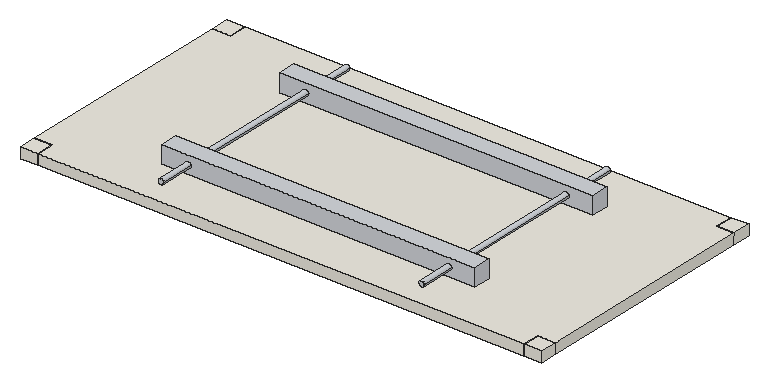
Revit family "LED-PL-CSVT", category Осветительные приборы, Revit 2019 (continued)
Types (9, lengths in mm): name | built-in parameter 1150134 | Файл фотометрической сетки | built-in parameter 1150105 | Lumens | built-in parameter 1150106 | built-in parameter 1150142 | Wattage | built-in parameter 1150107 | Emit from Rectangle Width | Emit from Rectangle Length | Длина | Ширина | L1 | L | ADSK_Ток | ADSK_Полная мощность | ADSK_Обозначение | ADSK_Номинальная мощность | ADSK_Наименование | ADSK_Масса | ADSK_Код изделия
  LED PL-CSVT-36 595x595 х10 (KROKUS) (IP54/IP20, 4000K, белый) c БАП на 1 час | 12 | "Светильник LED-PL-CSVT-36-(595х595).IES" | 286.48 (stored number, unit not read) | 3600 lm | 2.8648 (stored number, unit not read) | "IESNA:LM-63-95\r\n[TEST] Протокол №77\r\n[DATA] 27.07.2016\r\n[MORE] \r\n[MANUFAC] ЗАО \"Центрстройсвет\"\r\n[LUMCAT]  Светильник LED-PL-CSVT-36-(595х595)\r\n[LUMINAIRE]\r\n[LAMPCAT] Светодиоды\r\n[LAMP] Поток источника света (светодиодов) не известен\r\n[MORE] КСС приведена в абсолютных величинах кд\r\n[MORE] Вместо потока лампы, указан поток светильника.\r\nTILT=NONE\r\n1    3620 1.0 37 73 1 2 0.595 0.595 0.01\r\n1.0 1.0 37.3\r\n0.0 5.0 10.0 15.0 20.0 25.0 30.0 35.0 40.0 45.0 50.0 55.0 60.0 65.0 70.0 75.0 80.0 85.0 90.0 95.0 100.0 105.0 110.0 115.0 120.0 125.0 130.0 135.0 140.0 145.0 150.0 155.0 160.0 165.0 170.0 175.0 180.0\r\n0.0 5.0 10.0 15.0 20.0 25.0 30.0 35.0 40.0 45.0 50.0 55.0 60.0 65.0 70.0 75.0 80.0 85.0 90.0 95.0 100.0 105.0 110.0 115.0 120.0 125.0 130.0 135.0 140.0 145.0 150.0 155.0 160.0 165.0 170.0 175.0 180.0 185.0 190.0 195.0 200.0 205.0 210.0 215.0 220.0 225.0 230.0 235.0 240.0 245.0 250.0 255.0 260.0 265.0 270.0 275.0 280.0 285.0 290.0 295.0 300.0 305.0 310.0 315.0 320.0 325.0 330.0 335.0 340.0 345.0 350.0 355.0 360.0\r\n1306.1 1303.3 1286.4 1251.6 1207.7 1156.6 1087.1 1009.6 927.4 843.2 748.6 655.1 547.5 448.6 348.5 249.7 161.1 75.3 12.1 0.0 0.0 0.0 0.0 0.0 0.0 0.0 0.0 0.0 0.0 0.0 0.0 0.0 0.0 0.0 0.0 0.0 0.0\r\n1306.1 1304.1 1285.6 1252.2 1206.1 1149.2 1086.0 1009.8 930.4 838.2 746.5 651.0 547.8 447.7 346.8 248.7 160.1 74.9 11.5 0.0 0.0 0.0 0.0 0.0 0.0 0.0 0.0 0.0 0.0 0.0 0.0 0.0 0.0 0.0 0.0 0.0 0.0\r\n1306.1 1304.3 1283.0 1250.2 1209.5 1150.2 1088.0 1012.3 928.0 838.1 747.1 649.8 549.6 445.9 346.2 248.9 158.8 74.5 10.9 0.0 0.0 0.0 0.0 0.0 0.0 0.0 0.0 0.0 0.0 0.0 0.0 0.0 0.0 0.0 0.0 0.0 0.0\r\n1306.1 1303.7 1283.4 1249.8 1204.0 1149.9 1087.3 1012.9 924.7 839.6 745.8 649.5 547.3 444.5 345.7 246.0 157.4 72.1 10.6 0.0 0.0 0.0 0.0 0.0 0.0 0.0 0.0 0.0 0.0 0.0 0.0 0.0 0.0 0.0 0.0 0.0 0.0\r\n1306.1 1303.3 1282.7 1248.8 1204.9 1147.0 1085.4 1010.2 929.2 839.7 744.4 646.0 546.0 444.4 343.8 244.7 155.3 70.3 10.2 0.0 0.0 0.0 0.0 0.0 0.0 0.0 0.0 0.0 0.0 0.0 0.0 0.0 0.0 0.0 0.0 0.0 0.0\r\n1306.1 1302.9 1279.5 1248.8 1208.3 1152.9 1081.4 1009.0 922.0 837.6 741.1 643.0 543.0 442.7 340.2 242.9 153.4 68.9 9.6 0.0 0.0 0.0 0.0 0.0 0.0 0.0 0.0 0.0 0.0 0.0 0.0 0.0 0.0 0.0 0.0 0.0 0.0\r\n1306.1 1302.1 1279.2 1248.1 1201.2 1152.0 1082.1 1007.6 927.6 834.2 741.4 643.2 542.8 438.6 338.4 241.6 150.4 67.3 9.0 0.0 0.0 0.0 0.0 0.0 0.0 0.0 0.0 0.0 0.0 0.0 0.0 0.0 0.0 0.0 0.0 0.0 0.0\r\n1306.1 1301.4 1280.7 1248.0 1203.2 1147.7 1083.0 1005.9 922.1 834.2 736.8 639.7 541.7 436.7 337.3 238.6 148.7 65.0 8.6 0.0 0.0 0.0 0.0 0.0 0.0 0.0 0.0 0.0 0.0 0.0 0.0 0.0 0.0 0.0 0.0 0.0 0.0\r\n1306.1 1301.3 1280.7 1246.1 1204.8 1147.9 1078.9 1006.3 922.7 831.6 739.2 640.7 538.7 435.1 333.4 236.6 146.6 63.3 7.9 0.0 0.0 0.0 0.0 0.0 0.0 0.0 0.0 0.0 0.0 0.0 0.0 0.0 0.0 0.0 0.0 0.0 0.0\r\n1306.1 1301.4 1280.4 1246.5 1205.2 1148.5 1081.6 999.3 920.5 834.3 737.0 638.9 536.4 431.1 332.1 234.6 143.8 62.2 7.4 0.0 0.0 0.0 0.0 0.0 0.0 0.0 0.0 0.0 0.0 0.0 0.0 0.0 0.0 0.0 0.0 0.0 0.0\r\n1306.1 1301.4 1280.0 1246.7 1204.3 1140.2 1076.6 1006.9 918.3 829.8 735.0 635.0 533.0 430.5 330.4 232.4 142.6 60.3 6.7 0.0 0.0 0.0 0.0 0.0 0.0 0.0 0.0 0.0 0.0 0.0 0.0 0.0 0.0 0.0 0.0 0.0 0.0\r\n1306.1 1300.8 1279.2 1245.7 1202.3 1149.6 1081.1 1005.4 915.0 824.7 734.4 636.1 532.9 431.1 328.6 230.2 140.6 58.6 6.3 0.0 0.0 0.0 0.0 0.0 0.0 0.0 0.0 0.0 0.0 0.0 0.0 0.0 0.0 0.0 0.0 0.0 0.0\r\n1306.1 1299.6 1277.8 1246.4 1198.9 1145.0 1079.4 1001.3 917.0 831.8 732.9 634.7 532.7 426.1 327.0 229.1 139.1 57.1 5.8 0.0 0.0 0.0 0.0 0.0 0.0 0.0 0.0 0.0 0.0 0.0 0.0 0.0 0.0 0.0 0.0 0.0 0.0\r\n1306.1 1298.9 1277.7 1246.6 1203.5 1145.5 1077.8 1000.2 921.7 826.4 734.4 630.9 530.5 426.0 325.3 226.9 137.5 55.7 5.3 0.0 0.0 0.0 0.0 0.0 0.0 0.0 0.0 0.0 0.0 0.0 0.0 0.0 0.0 0.0 0.0 0.0 0.0\r\n1306.1 1299.7 1281.6 1247.0 1199.1 1144.7 1074.4 1000.6 920.7 829.2 733.8 631.4 528.6 425.3 324.8 225.7 135.9 54.9 4.4 0.0 0.0 0.0 0.0 0.0 0.0 0.0 0.0 0.0 0.0 0.0 0.0 0.0 0.0 0.0 0.0 0.0 0.0\r\n1306.1 1300.6 1280.5 1246.5 1203.6 1146.5 1078.1 999.6 919.2 826.6 731.1 633.2 529.0 423.6 321.7 224.5 135.2 53.7 4.0 0.0 0.0 0.0 0.0 0.0 0.0 0.0 0.0 0.0 0.0 0.0 0.0 0.0 0.0 0.0 0.0 0.0 0.0\r\n1306.1 1300.4 1277.1 1244.8 1196.8 1142.7 1078.1 998.9 915.4 827.0 728.3 629.6 526.1 423.7 321.7 222.8 133.9 52.7 3.4 0.0 0.0 0.0 0.0 0.0 0.0 0.0 0.0 0.0 0.0 0.0 0.0 0.0 0.0 0.0 0.0 0.0 0.0\r\n1306.1 1299.3 1278.7 1245.7 1200.8 1139.9 1073.7 1001.3 914.0 822.9 729.6 627.6 524.3 423.7 319.9 222.4 132.3 52.0 3.0 0.0 0.0 0.0 0.0 0.0 0.0 0.0 0.0 0.0 0.0 0.0 0.0 0.0 0.0 0.0 0.0 0.0 0.0\r\n1306.1 1298.5 1279.8 1244.6 1194.7 1140.3 1077.1 996.9 916.0 824.4 727.4 627.9 523.2 422.7 319.0 221.5 132.3 51.2 2.4 0.0 0.0 0.0 0.0 0.0 0.0 0.0 0.0 0.0 0.0 0.0 0.0 0.0 0.0 0.0 0.0 0.0 0.0\r\n1306.1 1298.4 1279.2 1244.8 1199.4 1144.6 1073.9 1001.1 911.6 822.2 726.5 625.8 523.3 421.3 317.3 220.0 130.6 50.3 1.8 0.0 0.0 0.0 0.0 0.0 0.0 0.0 0.0 0.0 0.0 0.0 0.0 0.0 0.0 0.0 0.0 0.0 0.0\r\n1306.1 1298.9 1280.6 1242.7 1197.9 1139.9 1074.4 996.7 909.6 820.8 724.3 626.5 524.6 420.1 316.1 220.2 130.1 50.1 1.6 0.0 0.0 0.0 0.0 0.0 0.0 0.0 0.0 0.0 0.0 0.0 0.0 0.0 0.0 0.0 0.0 0.0 0.0\r\n1306.1 1299.7 1279.1 1245.2 1197.2 1139.4 1070.7 995.8 909.5 819.7 723.8 624.4 521.4 419.1 315.1 220.1 128.9 49.8 1.4 0.0 0.0 0.0 0.0 0.0 0.0 0.0 0.0 0.0 0.0 0.0 0.0 0.0 0.0 0.0 0.0 0.0 0.0\r\n1306.1 1299.9 1277.0 1243.8 1197.0 1141.3 1071.8 994.6 909.8 818.2 719.2 624.5 520.4 417.2 315.3 219.5 128.4 49.6 0.8 0.0 0.0 0.0 0.0 0.0 0.0 0.0 0.0 0.0 0.0 0.0 0.0 0.0 0.0 0.0 0.0 0.0 0.0\r\n1306.1 1298.8 1276.8 1241.6 1193.6 1139.1 1067.2 991.2 910.3 818.3 721.5 621.1 520.0 416.8 314.7 219.0 127.9 49.7 0.2 0.0 0.0 0.0 0.0 0.0 0.0 0.0 0.0 0.0 0.0 0.0 0.0 0.0 0.0 0.0 0.0 0.0 0.0\r\n1306.1 1297.6 1277.1 1242.5 1197.9 1138.4 1069.1 996.7 909.4 814.6 721.4 619.7 518.3 415.4 314.1 218.8 128.4 49.2 0.1 0.0 0.0 0.0 0.0 0.0 0.0 0.0 0.0 0.0 0.0 0.0 0.0 0.0 0.0 0.0 0.0 0.0 0.0\r\n1306.1 1297.4 1280.6 1243.4 1192.6 1139.5 1069.0 993.0 905.7 815.3 720.5 621.3 519.4 415.9 316.1 217.8 129.3 49.2 0.1 0.0 0.0 0.0 0.0 0.0 0.0 0.0 0.0 0.0 0.0 0.0 0.0 0.0 0.0 0.0 0.0 0.0 0.0\r\n1306.1 1297.4 1280.5 1241.6 1195.3 1132.2 1067.9 993.0 907.4 816.2 721.5 621.1 518.9 417.4 314.5 218.8 129.9 50.0 0.2 0.0 0.0 0.0 0.0 0.0 0.0 0.0 0.0 0.0 0.0 0.0 0.0 0.0 0.0 0.0 0.0 0.0 0.0\r\n1306.1 1296.4 1276.0 1246.9 1191.9 1137.8 1066.5 985.9 902.8 817.3 718.0 620.7 520.2 417.1 315.4 220.4 129.7 50.3 0.2 0.0 0.0 0.0 0.0 0.0 0.0 0.0 0.0 0.0 0.0 0.0 0.0 0.0 0.0 0.0 0.0 0.0 0.0\r\n1306.1 1295.2 1278.4 1245.1 1191.3 1134.6 1065.5 992.0 904.9 819.6 720.5 621.9 518.0 417.1 316.5 220.3 131.1 50.9 0.3 0.0 0.0 0.0 0.0 0.0 0.0 0.0 0.0 0.0 0.0 0.0 0.0 0.0 0.0 0.0 0.0 0.0 0.0\r\n1306.1 1295.5 1280.8 1244.2 1198.8 1135.4 1067.4 988.5 904.1 817.2 720.3 622.9 517.5 419.3 319.0 221.4 131.9 51.8 0.4 0.0 0.0 0.0 0.0 0.0 0.0 0.0 0.0 0.0 0.0 0.0 0.0 0.0 0.0 0.0 0.0 0.0 0.0\r\n1306.1 1296.9 1280.2 1245.0 1196.2 1140.8 1069.5 991.2 905.4 814.1 721.4 621.2 522.5 419.4 319.0 223.2 132.3 52.6 1.1 0.0 0.0 0.0 0.0 0.0 0.0 0.0 0.0 0.0 0.0 0.0 0.0 0.0 0.0 0.0 0.0 0.0 0.0\r\n1306.1 1297.7 1280.9 1247.1 1198.5 1138.0 1068.6 994.5 910.2 819.6 722.4 619.7 522.5 420.1 319.1 224.5 133.0 54.0 1.7 0.2 0.0 0.0 0.0 0.0 0.0 0.0 0.0 0.0 0.0 0.0 0.0 0.0 0.0 0.0 0.0 0.0 0.0\r\n1306.1 1297.8 1280.0 1248.1 1199.4 1141.2 1071.6 992.9 909.9 817.8 719.8 623.7 521.5 420.6 320.7 225.8 134.4 55.2 1.9 0.0 0.0 0.0 0.0 0.0 0.0 0.0 0.0 0.0 0.0 0.0 0.0 0.0 0.0 0.0 0.0 0.0 0.0\r\n1306.1 1298.5 1280.1 1245.7 1201.0 1142.7 1071.6 995.9 915.0 823.0 726.8 626.0 524.8 421.8 321.7 226.7 135.9 56.0 2.5 0.0 0.0 0.0 0.0 0.0 0.0 0.0 0.0 0.0 0.0 0.0 0.0 0.0 0.0 0.0 0.0 0.0 0.0\r\n1306.1 1299.4 1282.5 1247.1 1205.8 1143.5 1074.3 994.1 915.9 823.5 728.0 627.3 528.3 426.4 323.4 228.5 138.0 57.1 3.4 0.0 0.0 0.0 0.0 0.0 0.0 0.0 0.0 0.0 0.0 0.0 0.0 0.0 0.0 0.0 0.0 0.0 0.0\r\n1306.1 1299.3 1282.4 1248.0 1198.3 1142.6 1076.2 999.7 916.0 823.7 730.9 629.5 528.0 427.4 325.0 228.6 138.8 57.5 3.9 0.0 0.0 0.0 0.0 0.0 0.0 0.0 0.0 0.0 0.0 0.0 0.0 0.0 0.0 0.0 0.0 0.0 0.0\r\n1306.1 1297.7 1282.7 1249.0 1205.4 1145.6 1074.7 999.6 913.5 822.5 729.7 632.2 529.0 427.0 325.1 229.9 139.7 57.8 4.4 0.0 0.0 0.0 0.0 0.0 0.0 0.0 0.0 0.0 0.0 0.0 0.0 0.0 0.0 0.0 0.0 0.0 0.0\r\n1306.1 1296.3 1281.6 1250.9 1201.9 1144.3 1076.6 999.9 914.4 826.2 734.8 632.3 529.9 431.5 327.4 231.4 140.9 58.3 5.1 0.0 0.0 0.0 0.0 0.0 0.0 0.0 0.0 0.0 0.0 0.0 0.0 0.0 0.0 0.0 0.0 0.0 0.0\r\n1306.1 1296.4 1283.8 1249.2 1202.4 1145.9 1079.9 999.4 916.7 826.7 732.2 632.4 532.8 428.5 328.5 231.2 141.5 59.0 5.6 0.0 0.0 0.0 0.0 0.0 0.0 0.0 0.0 0.0 0.0 0.0 0.0 0.0 0.0 0.0 0.0 0.0 0.0\r\n1306.1 1297.4 1282.6 1251.4 1202.6 1147.4 1079.2 1002.8 919.6 827.0 731.5 631.9 531.2 428.2 330.0 233.2 141.9 61.2 5.8 0.0 0.0 0.0 0.0 0.0 0.0 0.0 0.0 0.0 0.0 0.0 0.0 0.0 0.0 0.0 0.0 0.0 0.0\r\n1306.1 1298.7 1281.4 1251.0 1206.4 1148.5 1078.7 997.4 921.0 825.7 734.4 636.6 534.0 430.6 330.9 233.7 143.2 62.3 6.2 0.0 0.0 0.0 0.0 0.0 0.0 0.0 0.0 0.0 0.0 0.0 0.0 0.0 0.0 0.0 0.0 0.0 0.0\r\n1306.1 1299.8 1282.1 1253.3 1207.7 1148.6 1082.2 1008.0 917.3 826.5 734.4 637.7 535.9 432.3 333.9 234.8 145.1 63.1 7.1 0.0 0.0 0.0 0.0 0.0 0.0 0.0 0.0 0.0 0.0 0.0 0.0 0.0 0.0 0.0 0.0 0.0 0.0\r\n1306.1 1300.2 1282.2 1254.4 1205.3 1150.1 1081.2 1004.4 921.4 830.1 735.5 638.5 538.1 434.7 334.8 236.3 146.7 64.3 7.8 0.0 0.0 0.0 0.0 0.0 0.0 0.0 0.0 0.0 0.0 0.0 0.0 0.0 0.0 0.0 0.0 0.0 0.0\r\n1306.1 1300.1 1283.8 1253.9 1209.8 1150.9 1083.6 1006.1 924.0 833.5 736.7 639.0 537.6 437.7 335.1 238.4 148.2 65.4 8.1 0.0 0.0 0.0 0.0 0.0 0.0 0.0 0.0 0.0 0.0 0.0 0.0 0.0 0.0 0.0 0.0 0.0 0.0\r\n1306.1 1300.3 1285.5 1255.1 1208.1 1152.1 1086.2 1009.4 926.8 836.8 740.7 640.9 540.9 438.7 339.1 239.5 149.0 66.6 8.8 0.0 0.0 0.0 0.0 0.0 0.0 0.0 0.0 0.0 0.0 0.0 0.0 0.0 0.0 0.0 0.0 0.0 0.0\r\n1306.1 1300.7 1286.5 1256.5 1208.3 1151.6 1088.0 1008.6 928.7 838.6 746.1 644.1 544.8 441.0 340.0 240.9 150.6 67.2 9.5 0.0 0.0 0.0 0.0 0.0 0.0 0.0 0.0 0.0 0.0 0.0 0.0 0.0 0.0 0.0 0.0 0.0 0.0\r\n1306.1 1301.1 1286.5 1254.0 1207.9 1154.5 1090.0 1019.7 926.1 839.2 747.7 646.5 545.6 443.1 341.4 243.4 152.0 68.7 9.9 0.0 0.0 0.0 0.0 0.0 0.0 0.0 0.0 0.0 0.0 0.0 0.0 0.0 0.0 0.0 0.0 0.0 0.0\r\n1306.1 1301.1 1285.8 1255.3 1212.0 1154.6 1090.0 1013.0 936.2 844.7 747.7 651.5 547.4 445.4 344.6 244.5 153.2 70.3 10.2 0.0 0.0 0.0 0.0 0.0 0.0 0.0 0.0 0.0 0.0 0.0 0.0 0.0 0.0 0.0 0.0 0.0 0.0\r\n1306.1 1301.0 1287.4 1256.2 1212.8 1159.8 1092.6 1017.9 936.1 845.2 751.0 652.6 551.6 447.0 346.5 247.0 154.5 71.1 10.5 0.0 0.0 0.0 0.0 0.0 0.0 0.0 0.0 0.0 0.0 0.0 0.0 0.0 0.0 0.0 0.0 0.0 0.0\r\n1306.1 1301.2 1288.9 1256.2 1210.9 1160.1 1092.6 1018.5 936.4 850.3 752.6 652.6 552.1 451.7 349.1 248.1 156.5 72.1 10.9 0.0 0.0 0.0 0.0 0.0 0.0 0.0 0.0 0.0 0.0 0.0 0.0 0.0 0.0 0.0 0.0 0.0 0.0\r\n1306.1 1301.5 1288.7 1256.5 1212.3 1161.9 1095.4 1024.2 937.5 848.3 756.8 656.8 556.6 452.8 349.2 249.3 158.5 72.9 11.4 0.0 0.0 0.0 0.0 0.0 0.0 0.0 0.0 0.0 0.0 0.0 0.0 0.0 0.0 0.0 0.0 0.0 0.0\r\n1306.1 1301.6 1289.7 1257.6 1214.9 1163.0 1099.5 1026.1 938.3 851.4 754.8 660.0 556.4 454.0 351.7 250.4 159.5 74.1 11.7 0.0 0.0 0.0 0.0 0.0 0.0 0.0 0.0 0.0 0.0 0.0 0.0 0.0 0.0 0.0 0.0 0.0 0.0\r\n1306.1 1302.2 1289.9 1259.1 1213.8 1162.1 1096.7 1024.1 940.2 854.4 759.5 659.7 558.9 455.7 352.4 252.2 160.9 74.8 11.9 0.0 0.0 0.0 0.0 0.0 0.0 0.0 0.0 0.0 0.0 0.0 0.0 0.0 0.0 0.0 0.0 0.0 0.0\r\n1306.1 1303.5 1289.3 1259.3 1216.4 1164.6 1099.5 1026.6 945.8 856.0 761.2 663.3 560.3 458.5 354.7 252.4 162.3 75.9 12.2 0.0 0.0 0.0 0.0 0.0 0.0 0.0 0.0 0.0 0.0 0.0 0.0 0.0 0.0 0.0 0.0 0.0 0.0\r\n1306.1 1304.0 1288.2 1258.1 1221.2 1162.5 1101.1 1028.3 943.9 855.4 762.5 666.4 559.8 459.6 355.7 254.7 162.6 76.6 12.3 0.0 0.0 0.0 0.0 0.0 0.0 0.0 0.0 0.0 0.0 0.0 0.0 0.0 0.0 0.0 0.0 0.0 0.0\r\n1306.1 1303.2 1287.6 1260.6 1216.9 1166.0 1099.2 1030.7 944.0 852.6 763.1 664.2 563.1 460.1 356.9 256.3 163.7 77.3 12.7 0.0 0.0 0.0 0.0 0.0 0.0 0.0 0.0 0.0 0.0 0.0 0.0 0.0 0.0 0.0 0.0 0.0 0.0\r\n1306.1 1302.2 1285.7 1261.0 1218.2 1165.0 1103.2 1030.3 945.8 859.2 761.4 664.7 563.6 461.3 357.6 256.2 164.4 78.3 13.1 0.0 0.0 0.0 0.0 0.0 0.0 0.0 0.0 0.0 0.0 0.0 0.0 0.0 0.0 0.0 0.0 0.0 0.0\r\n1306.1 1301.8 1287.8 1258.6 1220.0 1166.0 1101.2 1026.6 948.5 859.1 764.9 665.6 562.6 460.8 357.5 257.4 165.2 78.6 13.2 0.0 0.0 0.0 0.0 0.0 0.0 0.0 0.0 0.0 0.0 0.0 0.0 0.0 0.0 0.0 0.0 0.0 0.0\r\n1306.1 1301.9 1288.6 1262.0 1217.6 1166.9 1102.0 1029.7 945.2 857.3 764.1 666.2 565.1 460.1 358.3 258.3 165.8 79.5 13.3 0.0 0.0 0.0 0.0 0.0 0.0 0.0 0.0 0.0 0.0 0.0 0.0 0.0 0.0 0.0 0.0 0.0 0.0\r\n1306.1 1302.5 1287.2 1261.0 1216.8 1170.8 1102.1 1027.9 945.9 856.2 765.2 665.2 564.8 461.5 358.1 258.9 165.7 79.9 13.1 0.0 0.0 0.0 0.0 0.0 0.0 0.0 0.0 0.0 0.0 0.0 0.0 0.0 0.0 0.0 0.0 0.0 0.0\r\n1306.1 1302.8 1285.3 1259.7 1219.0 1165.6 1099.9 1031.8 947.2 855.9 762.8 665.6 563.7 461.0 359.7 259.0 167.1 80.4 12.8 0.0 0.0 0.0 0.0 0.0 0.0 0.0 0.0 0.0 0.0 0.0 0.0 0.0 0.0 0.0 0.0 0.0 0.0\r\n1306.1 1302.9 1285.3 1258.6 1219.3 1166.3 1100.1 1025.9 945.3 859.8 762.7 664.5 564.7 461.6 356.5 259.2 167.0 80.3 13.3 0.0 0.0 0.0 0.0 0.0 0.0 0.0 0.0 0.0 0.0 0.0 0.0 0.0 0.0 0.0 0.0 0.0 0.0\r\n1306.1 1303.4 1285.5 1258.0 1220.2 1161.0 1098.4 1026.1 944.5 859.3 761.5 666.0 566.2 459.6 360.1 260.0 165.6 81.5 13.3 0.0 0.0 0.0 0.0 0.0 0.0 0.0 0.0 0.0 0.0 0.0 0.0 0.0 0.0 0.0 0.0 0.0 0.0\r\n1306.1 1303.9 1287.5 1256.5 1217.3 1169.5 1102.3 1026.3 944.0 855.9 759.4 662.5 562.7 459.4 359.9 259.8 166.0 81.3 13.3 0.0 0.0 0.0 0.0 0.0 0.0 0.0 0.0 0.0 0.0 0.0 0.0 0.0 0.0 0.0 0.0 0.0 0.0\r\n1306.1 1303.7 1283.8 1256.2 1216.0 1160.4 1098.2 1026.9 939.5 854.8 761.5 663.7 562.8 459.4 358.6 258.1 167.1 80.6 13.0 0.0 0.0 0.0 0.0 0.0 0.0 0.0 0.0 0.0 0.0 0.0 0.0 0.0 0.0 0.0 0.0 0.0 0.0\r\n1306.1 1303.7 1283.7 1253.6 1214.1 1165.5 1101.2 1023.7 938.4 855.0 758.6 661.5 562.1 458.5 358.3 258.4 166.7 80.5 12.9 0.0 0.0 0.0 0.0 0.0 0.0 0.0 0.0 0.0 0.0 0.0 0.0 0.0 0.0 0.0 0.0 0.0 0.0\r\n1306.1 1304.3 1284.6 1254.7 1210.6 1161.4 1100.8 1026.1 943.0 855.9 757.1 660.8 562.9 456.5 356.2 258.0 165.7 80.5 12.7 0.0 0.0 0.0 0.0 0.0 0.0 0.0 0.0 0.0 0.0 0.0 0.0 0.0 0.0 0.0 0.0 0.0 0.0\r\n1306.1 1304.8 1285.9 1253.5 1211.7 1154.4 1097.0 1020.8 943.3 851.3 756.5 658.4 559.4 457.7 354.3 256.5 165.5 79.8 12.8 0.0 0.0 0.0 0.0 0.0 0.0 0.0 0.0 0.0 0.0 0.0 0.0 0.0 0.0 0.0 0.0 0.0 0.0\r\n1306.1 1304.4 1286.1 1254.0 1211.1 1155.3 1089.9 1018.1 938.6 847.7 756.3 657.7 557.8 454.2 354.3 255.6 164.9 78.8 12.6 0.0 0.0 0.0 0.0 0.0 0.0 0.0 0.0 0.0 0.0 0.0 0.0 0.0 0.0 0.0 0.0 0.0 0.0\r\n1306.1 1303.7 1285.9 1254.3 1211.5 1153.3 1090.1 1014.5 932.5 849.3 753.5 653.4 554.4 453.8 354.7 253.8 164.2 77.9 12.1 0.0 0.0 0.0 0.0 0.0 0.0 0.0 0.0 0.0 0.0 0.0 0.0 0.0 0.0 0.0 0.0 0.0 0.0\r\n1306.1 1303.1 1283.9 1255.0 1209.3 1155.0 1089.7 1013.4 934.1 844.7 747.9 652.1 552.8 449.9 350.9 252.2 162.0 76.9 12.5 0.0 0.0 0.0 0.0 0.0 0.0 0.0 0.0 0.0 0.0 0.0 0.0 0.0 0.0 0.0 0.0 0.0 0.0\r\n1306.1 1302.9 1283.3 1254.4 1210.9 1157.0 1087.6 1012.4 928.6 844.4 746.6 649.6 551.2 450.0 350.0 251.1 161.7 76.4 12.6 0.0 0.0 0.0 0.0 0.0 0.0 0.0 0.0 0.0 0.0 0.0 0.0 0.0 0.0 0.0 0.0 0.0 0.0\r\n1306.1 1303.3 1286.4 1251.6 1207.7 1156.6 1087.1 1009.6 927.4 843.2 748.6 655.1 547.5 448.6 348.5 249.7 161.1 75.3 12.1 0.0 0.0 0.0 0.0 0.0 0.0 0.0 0.0 0.0 0.0 0.0 0.0 0.0 0.0 0.0 0.0 0.0 0.0\r\n" | 24.2356 W | 4000 (stored number, unit not read) | 555 | 555 | 595 | 595 | 297.5 | 297.5 | 0.170132 A | 39.1304 VA | "LED PL-CSVT-36 595x595 х10 (KROKUS) (IP54/IP20, 4000K, белый)" | 36 W | "Ультратонкая светодиодная панель LED PL-CSVT-36 595x595 х10 (K
    ROKUS) (IP54/IP20, 4000K, белый) c БАП на 1 час" | 3.2 | "ЦБ000007518"
